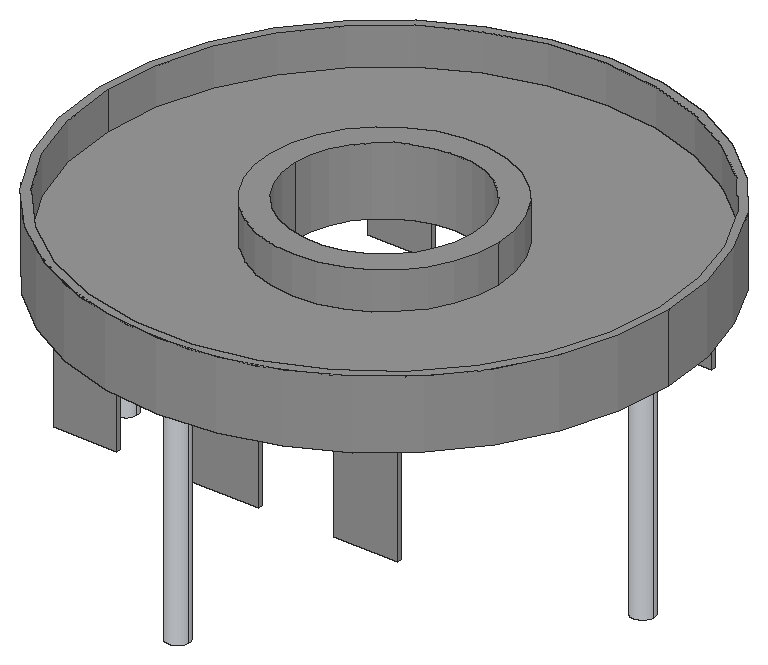
Revit family "Nivellierbare Schwerlastkassette für Tubus, RKFRSL, 20, 9", category Generic Models, Revit 2015
Parameters (values of type "RKFR2 9 SL2V2 20")
  URL = "http://www.obo-bettermann.com"
  Material = Stainless Steel, Polished
  Manufacturer Art.No. = "7409470"
  Manufacturer = "OBO Bettermann"
  HeightCalc = if(Height < 105 mm, 105 mm, (if(Height > 155 mm, 155 mm, Height)))  # 150 mm
  Height 1 = 36.5 mm
  Height = 150 mm
  GTIN = "4012195869764"
  Diameter 1 = 295.6 mm
  Diameter = 304 mm
  Cut depth = 20 mm
  Article Type = "RKFR2 9 SL2V2 20"
Reference planes
  plane 1 "Center (Front/Back)": y = 0
  plane 2: z = 0
  plane 3 "Center (Left/Right)": x = 0
  plane 4: z = 113.5
  plane 5: y = 99.5
  plane 6: y = -99.5
  plane 7: z = 150
  plane 8: z = 54.7
  plane 9: z = 130
Forms (mm)
  Extrusion 1, solid
    sketch origin (0, 0, 0) x (1, 0, 0) y (0, 1, 0)
      loop
        circle (0, 138) r 6
      loop
        circle (0, -138) r 6
      loop
        circle (-138, 0) r 6
      loop
        circle (138, 0) r 6
    from 0 to 113.5
  Extrusion 2, solid, material "Stainless Steel, Polished" <- "Material"
    sketch origin (0, 0, 0) x (1, 0, 0) y (0, 1, 0)
      loop
        line (-92, 106) -> (-92, 104) -> (-58, 104) -> (-58, 106) -> (-92, 106)
      loop
        line (-18, 106) -> (-18, 104) -> (18, 104) -> (18, 106) -> (-18, 106)
      loop
        line (58, 106) -> (58, 104) -> (92, 104) -> (92, 106) -> (58, 106)
      loop
        line (-92, -104) -> (-92, -106) -> (-58, -106) -> (-58, -104) -> (-92, -104)
      loop
        line (-18, -104) -> (-18, -106) -> (18, -106) -> (18, -104) -> (-18, -104)
      loop
        line (58, -104) -> (58, -106) -> (92, -106) -> (92, -104) -> (58, -104)
    from 54.7 to 113.5
  Extrusion 3, solid, material "Stainless Steel, Polished" <- "Material"
    sketch origin (0, 0, 0) x (1, 0, 0) y (0, 1, 0)
      loop
        circle (0, 0) r 152
    from 113.5 to 150
  Extrusion 4, void
    sketch origin (0, 0, 0) x (1, 0, 0) y (0, 1, 0)
      loop
        circle (0, 0) r 147.8
      loop
        circle (0, 0) r 61
    from 130 to 150
  Extrusion 5, void
    sketch origin (0, 0, 0) x (1, 0, 0) y (0, 1, 0)
      loop
        circle (0, 0) r 47.77
    from 113.5 to 150
Cuts and joins
  Extrusion 4 cuts Extrusion 1
  Extrusion 4 cuts Extrusion 2
  Extrusion 4, Extrusion 5 cuts Extrusion 3
Dimensions and locks
  "HeightCalc": plane 7 to level
  "Height 1": plane 7 to plane 4
  locked: plane 4 to plane 8 at 58.8
  "Cut depth": plane 7 to plane 9
  locked: plane 5 to plane 6 at 199
  equal spacing: plane 5, plane 1 "Center (Front/Back)", plane 6, locked at 99.5 each
  locked: plane 1 "Center (Front/Back)" to Extrusion 1 sketch curve at 138
  locked: Extrusion 1 sketch curve to plane 1 "Center (Front/Back)" at 138
  locked: Extrusion 1 sketch curve to plane 3 "Center (Left/Right)" at 138
  locked: plane 3 "Center (Left/Right)" to Extrusion 1 sketch curve at 138
  locked: Extrusion 2 sketch curve to Extrusion 2 sketch curve at 2  (x2)
  locked: Extrusion 2 sketch curve to plane 1 "Center (Front/Back)" at 104  (x2)
  locked: Extrusion 2 sketch curve to Extrusion 2 sketch curve at 34  (x4)
  locked: Extrusion 2 sketch curve to Extrusion 2 sketch curve at 116  (x2)
  equal spacing: Extrusion 2 sketch curve, plane 3 "Center (Left/Right)", Extrusion 2 sketch curve, locked at 58 each  (x2)
  locked: Extrusion 2 sketch curve to Extrusion 2 sketch curve at 36  (x2)
  equal spacing: Extrusion 2 sketch curve, plane 3 "Center (Left/Right)", Extrusion 2 sketch curve, locked at 18 each  (x2)
  "Diameter": diameter of Extrusion 3 sketch curve
  "Diameter 1": diameter of Extrusion 4 sketch curve
  diameter of Extrusion 1 sketch curve = 12 mm  (x4)
  diameter of Extrusion 4 sketch curve = 122 mm
  diameter of Extrusion 5 sketch curve = 95.54 mm
  aligned and locked: level to plane 2
  aligned and locked: plane 4 to Extrusion 1
  aligned and locked: Extrusion 1 to Extrusion 2
  aligned and locked: Extrusion 2 to plane 8
  aligned and locked: Extrusion 3 to Extrusion 1
  aligned and locked: plane 7 to Extrusion 3
  aligned and locked: cut or joined group of Extrusion 3, Extrusion 4, Extrusion 5 to Extrusion 4
  aligned and locked: Extrusion 4 to plane 9
  aligned and locked: Extrusion 2 sketch curve to Extrusion 2 sketch curve  (x8)
  aligned and locked: Extrusion 3 to Extrusion 5  (x2)
Automatic sketch dimensions
  Extrusion 1 sketch curve to plane 3 "Center (Left/Right)" = 0 mm  (x2)
  plane 1 "Center (Front/Back)" to Extrusion 1 sketch curve = 0 mm  (x2)
  plane 1 "Center (Front/Back)" to Extrusion 3 sketch curve = 0 mm
  Extrusion 3 sketch curve to plane 3 "Center (Left/Right)" = 0 mm
  Extrusion 4 sketch curve to Extrusion 4 sketch curve = 0 mm  (x2)
  plane 1 "Center (Front/Back)" to Extrusion 4 sketch curve = 0 mm
  Extrusion 4 sketch curve to plane 3 "Center (Left/Right)" = 0 mm
  plane 1 "Center (Front/Back)" to Extrusion 5 sketch curve = 0 mm
  Extrusion 5 sketch curve to plane 3 "Center (Left/Right)" = 0 mm
